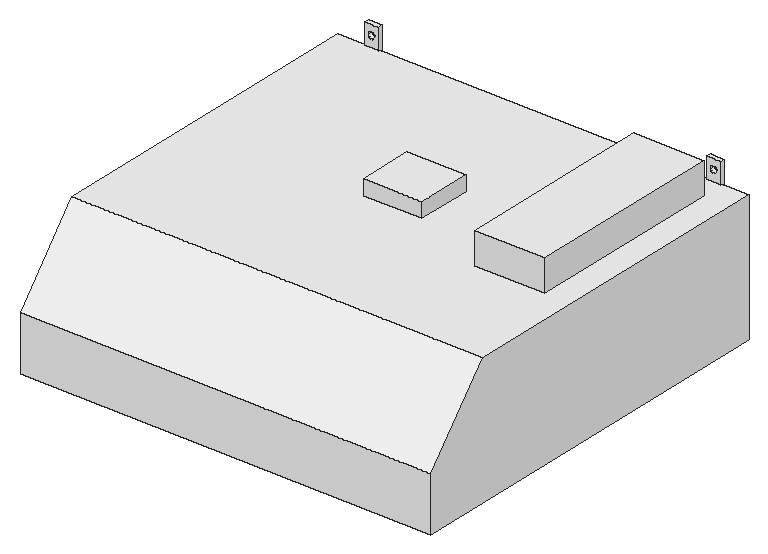
Revit family "v-316_317k7_kr7_kp7_50Hz - コピー", category 機械設備, Revit 2019
Family settings
  丸型コネクタ寸法 = 直径を使用
  パーツ タイプ = 標準
  OmniClass 番号 = 23.75.35.17.27
  OmniClass タイトル = Centrifugal Fans
  作業面ベース = いいえ
  常に垂直 = はい
  ロード時にボイドで切り取り = いいえ
  共有 = いいえ
  部屋計算ポイント = いいえ
Parameters (values of type "V-316KSW6")
  騒音レベル(dB(A)) = 46.5
  風量 = 590.0 m³/h
  電源種別 [instance] = ""
  電圧 = 100 V
  電動機出力 = 0 W
  電動機_種別 = ""
  集中コントローラ = ""
  運転質量 = 0.00 kg
  連動 [instance] = ""
  質量 = if(製品質量 > 運転質量, 製品質量, 運転質量) * 1.2  # 14.40 kg
  負荷分類 = 3_ファン類
  説明 = "レンジフードファン 浅形 標準タイプ"
  設計風量 = 0.0 m³/h
  設置方法 = "天吊"
  記号 [instance] = ""
  製造元 = "三菱電機株式会社"
  製品質量 = 12.00 kg
  製品出荷対象 = "国内"
  製品リリース年月 = "2022年6月1日"
  製品グループ = ""
  系統 [instance] = ""
  符号 = if(☑給気／□排気, "FS", "FE")  # "FE"
  積算_科目 = "2 換気設備"
  積算_拾い区分 [instance] = ""
  相 = 1
  盤記号 [instance] = ""
  発停方法 [instance] = ""
  特殊仕様 [instance] = ""
  火災停止 [instance] = ""
  消費電力 = 72 W
  法定耐用年数 = "15"
  機外静圧_排気 = 210.0 Pa
  機外静圧 = 0.0 Pa
  極数 = 2
  材質 [instance] = ""
  操作・制御方式 = ""
  操作・制御スイッチ = ""
  排気量 = 0.0 m³/h
  形式 = "片吸込形"
  幹線記号 [instance] = ""
  対象室 [instance] = ""
  実風量 = 0.0 m³/h
  始動方式 [instance] = "直入"
  天吊用穴_D2 = 336 mm
  天吊用穴_D1 = 15 mm
  天吊用穴_ピッチ = 250 mm
  外気量 = 0.0 m³/h
  呼称 = "遠心送風機"
  周波数 = 50 Hz
  取付金具_穴位置 = 16 mm
  取付金具_径 = 10 mm
  取付金具_ピッチ = 500 mm
  取付金具_H = 30 mm
  取付金具_Depth = 6 mm
  参照している仕様書等のバージョン = ""
  分類コード = "50052503100060"
  分類グループ = ""
  価格 = 68100
  企業コード = "108420"
  付属品_フィルター_還気 = ""
  付属品_フィルター = ""
  付属品 [instance] = ""
  仕様書バージョン = "Version1.0"
  モデル = "V-316KSW6"
  マテリアル = 鋼板(白)
  ファンの種類 = ""
  ダクト高 = 291 mm
  ダクト幅 = 102 mm
  コメント [instance] = ""
  Keynote = ""
  Assembly Code = ""
  ☑給気／□排気 = no
  Width = 600 mm
  W1 = Width / 2  # 300 mm
  Version = ""
  Uniclass2015Version = "Systems v1.9"
  Uniclass2015Title = "Centrifugal fans"
  Uniclass2015Code = "Pr_65_67_29_12"
  URL = "https://www.mitsubishielectric.co.jp/ldg/wink/ssl/displayProduct.do?pid=320499"
  SpecificationReference = ""
  SpecificationDescription = ""
  Revision = ""
  ProductInformation = ""
  OmniClassCode = "23-33 31 19 13 15"
  MIN風量 = 360.0 m³/h
  MIN静圧 = 0.0 Pa
  MID風量 = 0.0 m³/h
  MID静圧 = 0.0 Pa
  MAX風量 = 590.0 m³/h
  MAX静圧 = 0.0 Pa
  IfcTypeProduct = ""
  IfcProduct = ""
  IfcExportType = "CENTRIFUGALFORWARDCURVED"
  IfcExportAs = "IfcFanType"
  Height = 190 mm
  H1 = 110 mm
  EAダクト接続口_後部 = no
  EAダクト接続口_左 = no
  EAダクト接続口_右 = no
  EAダクト接続口_上部左 = no
  EAダクト接続口_上部右 = yes
  EAサイズ_W = 102 mm
  EAサイズ_D = 291 mm
  Duct_W = 210 mm
  Duct_Height = 46 mm
  Duct_H = 91 mm
  Duct_D = 178 mm
  Depth = 580 mm
  D1 = 95 mm
  Clearance Top = 0 mm
  Clearance Right = 0 mm
  Clearance Left = 0 mm
  Clearance Front = 0 mm
  Clearance Bottom = 0 mm
  Clearance Back = 0 mm
  Box_Width = 85 mm
  Box_Height = 22 mm
  Box_Depth = 80 mm
  Box_D = 235 mm
  Author = "三菱電機株式会社"
Reference planes
  plane 1 "中心(正面/背面)": y = 0
  plane 2: z = 0
  plane 3 "中心(左/右)": x = 0
  plane 4: x = -300
  plane 5: x = 300
  plane 6: y = -580
  plane 7: z = -190
  plane 8: z = -110
  plane 9: z = 46
  plane 10: y = -290
  plane 11: y = -485
  plane 12: x = -210
  plane 13: x = 210
  plane 14: y = -178
  plane 15: x = -125
  plane 16: x = 125
  plane 17: y = -15
  plane 18: x = -150
  plane 19: x = 150
  plane 20: z = 30
  plane 21: z = 16
  plane 22: x = -250
  plane 23: x = -260
  plane 24: x = -240
  plane 25: x = 250
  plane 26: x = 260
  plane 27: x = 240
  plane 28: y = 6
  plane 29: x = 159
  plane 30: x = 261
  plane 31: y = -32.5
  plane 32: y = -323.5
  plane 33: x = -159
  plane 34: x = -261
  plane 35: x = -145.5
  plane 36: x = 145.5
  plane 37: z = -91
  plane 38: z = -142
  plane 39: z = -40
  plane 40: y = 46
  plane 41: x = 346
  plane 42: x = -346
  plane 43: y = -351
  plane 44: y = -235
  plane 45: y = -275
  plane 46: y = -195
  plane 47: x = -42.5
  plane 48: x = 42.5
  plane 49: z = 22
Forms (mm)
  Extrusion 1, solid, material "鋼板(白)" <- "マテリアル", detail levels fine
    sketch origin (0, 0, 0) x (1, 0, 0) y (0, 1, 0)
      loop
        line (-300, 0) -> (-300, -485) -> (300, -485) -> (300, 0) -> (-300, 0)
    from -190 to 0
  Blend 2, solid, material "鋼板(白)" <- "マテリアル", detail levels fine
    base sketch origin (0, 0, 0) x (1, 0, 0) y (0, 0, 1)
      loop
        line (-300, -190) -> (300, -190) -> (300, 0) -> (-300, 0) -> (-300, -190)
    top sketch origin (0, 0, 0) x (1, 0, 0) y (0, 0, 1)
      loop
        line (-300, -190) -> (300, -190) -> (300, -110) -> (-300, -110) -> (-300, -190)
    from 485 to 580
  Extrusion 3, solid, material "鋼板(白)" <- "マテリアル", visible <- "EAダクト接続口_上部右", detail levels fine
    sketch origin (0, 0, 0) x (1, 0, 0) y (0, 1, 0)
      loop
        line (159, -32.5) -> (159, -323.5) -> (261, -323.5) -> (261, -32.5) -> (159, -32.5)
    from 0 to 46
  Extrusion 4, solid, material "鋼板(白)" <- "マテリアル", visible <- "EAダクト接続口_上部左", detail levels fine
    sketch origin (0, 0, 0) x (1, 0, 0) y (0, 1, 0)
      loop
        line (-261, -32.5) -> (-261, -323.5) -> (-159, -323.5) -> (-159, -32.5) -> (-261, -32.5)
    from 0 to 46
  Extrusion 5, solid, material "鋼板(白)" <- "マテリアル"
    sketch origin (0, 0, 0) x (1, 0, 0) y (0, 0, 1)
      loop
        line (-260, 30) -> (-260, -190) -> (-240, -190) -> (-240, 30) -> (-260, 30)
      loop
        line (240, 30) -> (240, -190) -> (260, -190) -> (260, 30) -> (240, 30)
      loop
        circle (250, 16) r 5
      loop
        circle (-250, 16) r 5
    from -6 to 0
  Extrusion 6, solid, material "鋼板(白)" <- "マテリアル", visible <- "EAダクト接続口_後部"
    sketch origin (0, 0, 0) x (1, 0, 0) y (0, 0, 1)
      loop
        line (-145.5, -40) -> (-145.5, -142) -> (145.5, -142) -> (145.5, -40) -> (-145.5, -40)
    from -46 to 0
  Extrusion 7, solid, material "鋼板(白)" <- "マテリアル", visible <- "EAダクト接続口_左"
    sketch origin (0, 0, 0) x (0, 1, 0) y (0, 0, 1)
      loop
        line (-323.5, -142) -> (-32.5, -142) -> (-32.5, -40) -> (-323.5, -40) -> (-323.5, -142)
    from -346 to -300
  Extrusion 8, solid, material "鋼板(白)" <- "マテリアル", visible <- "EAダクト接続口_右"
    sketch origin (0, 0, 0) x (0, 1, 0) y (0, 0, 1)
      loop
        line (-323.5, -142) -> (-32.5, -142) -> (-32.5, -40) -> (-323.5, -40) -> (-323.5, -142)
    from 300 to 346
  Extrusion 9, solid, material "鋼板(白)" <- "マテリアル"
    sketch origin (0, 0, 0) x (1, 0, 0) y (0, 1, 0)
      loop
        line (-42.5, -195) -> (-42.5, -275) -> (42.5, -275) -> (42.5, -195) -> (-42.5, -195)
    from 0 to 22
Cuts and joins
  joined: Extrusion 1, Blend 2
Lines and regions (mm)
  Masking region 1, detail levels coarse+medium
    outline origin (1326.5, 29, 0) x (1, 0, 0) y (0, 1, 0)
      loop
        line (-1626.5, -29) -> (-1626.5, -609) -> (-1026.5, -609) -> (-1026.5, -29) -> (-1626.5, -29)
  symbolic lines, detail levels coarse+medium
    curve 1: circle (-150, -290, 0) r 150 normal (0, 0, 1)
    curve 2: circle (150, -290, 0) r 150 normal (0, 0, 1)
Dimensions and locks
  equal spacing: plane 4, plane 3 "中心(左/右)", plane 5
  "Width": plane 4 to plane 5
  equal spacing: plane 6, plane 10, plane 1 "中心(正面/背面)"
  "Depth": plane 1 "中心(正面/背面)" to plane 6
  equal spacing: plane 12, plane 3 "中心(左/右)", plane 13
  "Duct_D": plane 1 "中心(正面/背面)" to plane 14
  "Height": level to plane 7
  "Duct_Height": plane 9 to level
  equal spacing: plane 15, plane 3 "中心(左/右)", plane 16
  "天吊用穴_ピッチ": plane 15 to plane 16
  "天吊用穴_D1": plane 1 "中心(正面/背面)" to plane 17
  equal spacing: plane 4, plane 18, plane 3 "中心(左/右)"
  equal spacing: plane 3 "中心(左/右)", plane 19, plane 5
  "D1": plane 11 to plane 6
  "H1": level to plane 8
  "取付金具_H": plane 20 to level
  "取付金具_穴位置": plane 21 to level
  equal spacing: plane 24, plane 22, plane 23
  locked: plane 24 to plane 23 at 20
  equal spacing: plane 27, plane 25, plane 26
  locked: plane 27 to plane 26 at 20
  equal spacing: plane 25, plane 3 "中心(左/右)", plane 22
  "取付金具_ピッチ": plane 25 to plane 22
  "取付金具_Depth": plane 28 to plane 1 "中心(正面/背面)"
  equal spacing: plane 29, plane 13, plane 30
  "EAサイズ_W": plane 29 to plane 30
  equal spacing: plane 31, plane 14, plane 32
  "EAサイズ_D": plane 31 to plane 32
  "EAサイズ_W": plane 33 to plane 34
  equal spacing: plane 34, plane 12, plane 33
  "Duct_W": plane 12 to plane 3 "中心(左/右)"
  equal spacing: plane 39, plane 37, plane 38
  "EAサイズ_W": plane 39 to plane 38
  "Duct_H": level to plane 37
  equal spacing: plane 36, plane 3 "中心(左/右)", plane 35
  "EAサイズ_D": plane 36 to plane 35
  "Duct_Height": plane 1 "中心(正面/背面)" to plane 40
  "Duct_Height": plane 42 to plane 4
  "Duct_Height": plane 5 to plane 41
  "天吊用穴_D2": plane 17 to plane 43
  equal spacing: plane 45, plane 44, plane 46
  "Box_Depth": plane 45 to plane 46
  "Box_D": plane 1 "中心(正面/背面)" to plane 44
  equal spacing: plane 47, plane 3 "中心(左/右)", plane 48
  "Box_Width": plane 47 to plane 48
  "Box_Height": plane 49 to level
  "W1": diameter of curve 1
  "W1": diameter of curve 2
  "取付金具_径": diameter of Extrusion 5 sketch curve  (x2)
  aligned and locked: level to plane 2
  aligned and locked: Masking region 1 to plane 4
  aligned and locked: plane 5 to Masking region 1
  aligned and locked: Masking region 1 to plane 6
  aligned and locked: Masking region 1 to plane 1 "中心(正面/背面)"
  aligned and locked: plane 1 "中心(正面/背面)" to Extrusion 1 sketch curve
  aligned and locked: plane 4 to Extrusion 1 sketch curve
  aligned and locked: plane 11 to Extrusion 1 sketch curve
  aligned and locked: Extrusion 1 sketch curve to plane 5
  aligned and locked: Blend 2 sketch curve to plane 7  (x2)
  aligned and locked: level to Blend 2 sketch curve
  aligned and locked: plane 5 to Blend 2 sketch curve
  aligned and locked: Blend 2 sketch curve to plane 4
  aligned and locked: var sketch to Blend 2 sketch curve
  aligned and locked: Extrusion 1 to plane 7
  aligned and locked: level to Extrusion 1
  aligned and locked: Blend 2 to plane 6
  aligned and locked: plane 11 to Blend 2
  aligned and locked: plane 9 to Extrusion 3
  aligned and locked: Extrusion 3 to level
  aligned and locked: plane 9 to Extrusion 4
  aligned and locked: Extrusion 4 to level
  aligned and locked: plane 8 to Blend 2 sketch curve
  aligned and locked: Extrusion 5 sketch curve to plane 20  (x2)
  aligned and locked: plane 23 to Extrusion 5 sketch curve
  aligned and locked: plane 24 to Extrusion 5 sketch curve
  aligned and locked: plane 7 to Extrusion 5 sketch curve  (x2)
  aligned and locked: plane 27 to Extrusion 5 sketch curve
  aligned and locked: plane 26 to Extrusion 5 sketch curve
  aligned and locked: plane 28 to Extrusion 5
  aligned and locked: plane 1 "中心(正面/背面)" to Extrusion 5
  aligned and locked: Extrusion 3 sketch curve to plane 31
  aligned and locked: plane 29 to Extrusion 3 sketch curve
  aligned and locked: Extrusion 3 sketch curve to plane 32
  aligned and locked: plane 30 to Extrusion 3 sketch curve
  aligned and locked: Extrusion 4 sketch curve to plane 31
  aligned and locked: Extrusion 4 sketch curve to plane 32
  aligned and locked: plane 33 to Extrusion 4 sketch curve
  aligned and locked: plane 34 to Extrusion 4 sketch curve
  aligned and locked: Extrusion 6 sketch curve to plane 39
  aligned and locked: plane 35 to Extrusion 6 sketch curve
  aligned and locked: plane 38 to Extrusion 6 sketch curve
  aligned and locked: Extrusion 6 sketch curve to plane 36
  aligned and locked: Extrusion 6 to plane 40
  aligned and locked: plane 1 "中心(正面/背面)" to Extrusion 6
  aligned and locked: Extrusion 7 sketch curve to plane 38
  aligned and locked: plane 32 to Extrusion 7 sketch curve
  aligned and locked: plane 31 to Extrusion 7 sketch curve
  aligned and locked: Extrusion 8 sketch curve to plane 38
  aligned and locked: plane 32 to Extrusion 8 sketch curve
  aligned and locked: plane 39 to Extrusion 8 sketch curve
  aligned and locked: plane 31 to Extrusion 8 sketch curve
  aligned and locked: plane 41 to Extrusion 8
  aligned and locked: Extrusion 8 to plane 5
  aligned and locked: plane 42 to Extrusion 7
  aligned and locked: plane 4 to Extrusion 7
  aligned and locked: plane 15 to nested 1
  aligned and locked: plane 16 to nested 1
  aligned and locked: plane 17 to nested 1
  aligned and locked: nested 1 to plane 43
  aligned and locked: plane 46 to Extrusion 9 sketch curve
  aligned and locked: plane 47 to Extrusion 9 sketch curve
  aligned and locked: plane 45 to Extrusion 9 sketch curve
  aligned and locked: plane 48 to Extrusion 9 sketch curve
  aligned and locked: plane 49 to Extrusion 9
  aligned and locked: Extrusion 9 to level
Automatic sketch dimensions
  curve 1 to plane 10 = 0 mm
  curve 1 to plane 18 = 0 mm
  curve 2 to plane 10 = 0 mm
  curve 2 to plane 19 = 0 mm
  Extrusion 5 sketch curve to plane 21 = 0 mm  (x2)
  Extrusion 5 sketch curve to plane 22 = 0 mm
  plane 25 to Extrusion 5 sketch curve = 0 mm
  Masking region 1 sketch curve to plane 4 = 0 mm
  Masking region 1 sketch curve to plane 5 = 0 mm
  Masking region 1 sketch curve to plane 6 = 0 mm
  plane 1 "中心(正面/背面)" to Masking region 1 sketch curve = 0 mm
  Blend 2 sketch curve to plane 4 = 0 mm
  Extrusion 4 sketch curve to plane 31 = 0 mm
  Extrusion 7 sketch curve to plane 39 = 0 mm
Nested families
  nested 1: "固定点" at (-125, -351, 0), type "固定点"
    with W 250 mm, D 336 mm
Connectors
  hvac at (210, -178, 46), driven by "ダクト幅", driven by "機外静圧", driven by "風量", driven by "ダクト高", driven by "ダクト幅"
    settings: on Extrusion 3, index 1, duct flow 590.0 m³/h, flow factor 0, pres drop 0.0 Pa, loss coef 0, conn angle 0.00°, conn width 102 mm, conn height 291 mm, conn diameter 102 mm, duct sys type 3, conn prof type 1, flow config 0, flow direction 2, loss method 4, conn ref index -1, conn util no, is conn primary yes, conn desc ""
  hvac at (-210, -178, 46), driven by "ダクト幅", driven by "機外静圧", driven by "風量", driven by "ダクト高", driven by "ダクト幅"
    settings: on Extrusion 4, index 2, duct flow 590.0 m³/h, flow factor 0, pres drop 0.0 Pa, loss coef 0, conn angle 0.00°, conn width 102 mm, conn height 291 mm, conn diameter 102 mm, duct sys type 3, conn prof type 1, flow config 0, flow direction 2, loss method 4, conn ref index -1, conn util no, is conn primary no, conn desc ""
  electrical at (0, -242.5, 0), driven by "極数", driven by "負荷分類", driven by "電圧", driven by "消費電力"
    settings: on cut or joined group of Extrusion 1, Blend 2, index 3, voltage 100 V, apparent load 72 VA, apparent load phase1 0 VA, apparent load phase2 0 VA, apparent load phase3 0 VA, power factor 1, load classification "3_ファン類", number of poles 2, system type 30, power factor state 1, is connector primary yes, connector utility no, sub classification motor no, connector description ""
  hvac at (346, -178, -91), driven by "ダクト幅", driven by "ダクト高", driven by "機外静圧", driven by "風量"
    settings: on Extrusion 8, index 4, duct flow 590.0 m³/h, flow factor 0, pres drop 0.0 Pa, loss coef 0, conn angle 0.00°, conn width 291 mm, conn height 102 mm, conn diameter 609.6 mm, duct sys type 3, conn prof type 1, flow config 0, flow direction 2, loss method 4, conn ref index -1, conn util no, is conn primary no, conn desc ""
  hvac at (0, 46, -91), driven by "ダクト幅", driven by "ダクト高", driven by "機外静圧", driven by "風量"
    settings: on Extrusion 6, index 5, duct flow 590.0 m³/h, flow factor 0, pres drop 0.0 Pa, loss coef 0, conn angle 0.00°, conn width 291 mm, conn height 102 mm, conn diameter 609.6 mm, duct sys type 3, conn prof type 1, flow config 0, flow direction 2, loss method 4, conn ref index -1, conn util no, is conn primary no, conn desc ""
  hvac at (-346, -178, -91), driven by "ダクト幅", driven by "ダクト高", driven by "機外静圧", driven by "風量"
    settings: on Extrusion 7, index 6, duct flow 590.0 m³/h, flow factor 0, pres drop 0.0 Pa, loss coef 0, conn angle 0.00°, conn width 291 mm, conn height 102 mm, conn diameter 609.6 mm, duct sys type 3, conn prof type 1, flow config 0, flow direction 2, loss method 4, conn ref index -1, conn util no, is conn primary no, conn desc ""
Definition of nested family "固定点"
  Parameters (values of type "固定点")
    中心円 = 20 mm
    W [instance] = 1000 mm
    D [instance] = 1000 mm
  Reference planes
    plane 1 "中心(正面/背面)": y = 0
    plane 2: z = 0
    plane 3 "中心(左/右)": x = 0
    plane 4: x = 1000
    plane 5: y = 1000
  Lines and regions (mm)
    symbolic lines, detail levels fine
      curve 1: circle (0, 1000, 0) r 10 normal (0, 0, 1)
      curve 2: circle (0, 0, 0) r 10 normal (0, 0, 1)
      curve 3: circle (1000, 1000, 0) r 10 normal (0, 0, 1)
      curve 4: circle (1000, 0, 0) r 10 normal (0, 0, 1)
      curve 5: line (-200, 1000, 0) -> (1200, 1000, 0)
      curve 6: line (-200, 0, 0) -> (1200, 0, 0)
      curve 7: line (0, 1200, 0) -> (0, -200, 0)
      curve 8: line (1000, 1200, 0) -> (1000, -200, 0)
  Dimensions and locks
    "W": plane 3 "中心(左/右)" to plane 4
    "D": plane 1 "中心(正面/背面)" to plane 5
    "中心円": diameter of curve 1
    "中心円": diameter of curve 2
    "中心円": diameter of curve 3
    "中心円": diameter of curve 4
    aligned and locked: level to plane 2
    aligned and locked: plane 5 to curve 1
    aligned and locked: plane 3 "中心(左/右)" to curve 1
    aligned and locked: plane 3 "中心(左/右)" to curve 2
    aligned and locked: plane 1 "中心(正面/背面)" to curve 2
    aligned and locked: plane 4 to curve 3
    aligned and locked: plane 5 to curve 3
    aligned and locked: plane 1 "中心(正面/背面)" to curve 4
    aligned and locked: plane 4 to curve 4
    aligned and locked: plane 1 "中心(正面/背面)" to curve 6
    aligned and locked: curve 7 to plane 3 "中心(左/右)"
    aligned and locked: curve 8 to plane 4
  Automatic sketch dimensions
    curve 5 to plane 5 = 0 mm
    curve 6 to plane 3 "中心(左/右)" = 200 mm
    curve 5 to plane 3 "中心(左/右)" = 200 mm
    curve 4 to curve 6 = 200 mm
    curve 3 to curve 5 = 200 mm
    plane 1 "中心(正面/背面)" to curve 8 = 200 mm
    plane 1 "中心(正面/背面)" to curve 7 = 200 mm
    curve 3 to curve 8 = 200 mm
    curve 1 to curve 7 = 200 mm
